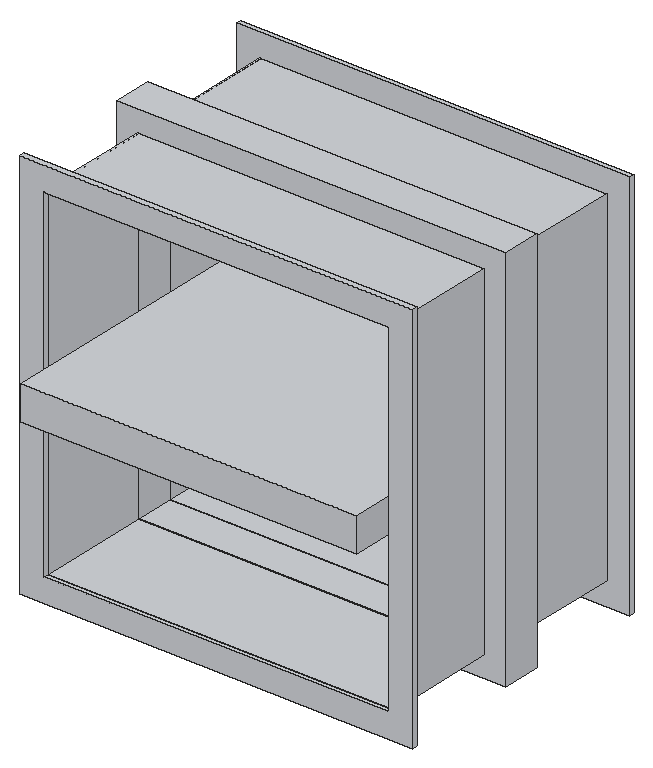
Revit family "MADEL_DAMPER_FIRE PROTECTION_FOK-EIS-120", category Accesorios de conductos, Revit 2015 (continued)
Types (198, lengths in mm): name | Q min | Q max | Q | Product Type | Product Size | Product Reference | Modelo | M_L2 | M_E | Lw (dB(A)) | L | Kr | Kf | H | DPt | Afree | 7N | 16N
  FOK-EIS-120-H 600x250 | 348.84 m³/h | 2790.72 m³/h | 1569.78 m³/h | "FOK-EIS-120-H 600x250" | "600x250" | "FOK-EIS-120-H-M7F230" | "FOK-EIS-120-H 600x250" | 115.3 | 28.5 | 34.8854 | 600.0 | 0.76823 | -9.9007 | 250.0 | 8.87274 Pa | 0.0969 m² | yes | no
  FOK-EIS-120-H 550x250 | 318.24 m³/h | 2545.92 m³/h | 1432.08 m³/h | "FOK-EIS-120-H 550x250" | "550x250" | "FOK-EIS-120-H-M7F230" | "FOK-EIS-120-H 550x250" | 115.3 | 28.5 | 34.0331 | 550.0 | 0.78068 | -10.7531 | 250.0 | 9.01652 Pa | 0.0884 m² | yes | no
  FOK-EIS-120-H 500x250 | 287.64 m³/h | 2301.12 m³/h | 1294.38 m³/h | "FOK-EIS-120-H 500x250" | "500x250" | "FOK-EIS-120-H-M7F230" | "FOK-EIS-120-H 500x250" | 115.3 | 28.5 | 33.1194 | 500.0 | 0.79379 | -11.6668 | 250.0 | 9.16799 Pa | 0.0799 m² | yes | no
  FOK-EIS-120-H 450x250 | 257.04 m³/h | 2056.32 m³/h | 1156.68 m³/h | "FOK-EIS-120-H 450x250" | "450x250" | "FOK-EIS-120-H-M7F230" | "FOK-EIS-120-H 450x250" | 115.3 | 28.5 | 32.1444 | 450.0 | 0.80757 | -12.6418 | 250.0 | 9.32713 Pa | 0.0714 m² | yes | no
  FOK-EIS-120-H 400x250 | 226.44 m³/h | 1811.52 m³/h | 1018.98 m³/h | "FOK-EIS-120-H 400x250" | "400x250" | "FOK-EIS-120-H-M7F230" | "FOK-EIS-120-H 400x250" | 115.3 | 28.5 | 31.1081 | 400.0 | 0.82202 | -13.6781 | 250.0 | 9.49396 Pa | 0.0629 m² | yes | no
  FOK-EIS-120-H 350x250 | 195.84 m³/h | 1566.72 m³/h | 881.28 m³/h | "FOK-EIS-120-H 350x250" | "350x250" | "FOK-EIS-120-H-M7F230" | "FOK-EIS-120-H 350x250" | 115.3 | 28.5 | 30.0104 | 350.0 | 0.83713 | -14.7757 | 250.0 | 9.66847 Pa | 0.0544 m² | yes | no
  FOK-EIS-120-H 300x250 | 165.24 m³/h | 1321.92 m³/h | 743.58 m³/h | "FOK-EIS-120-H 300x250" | "300x250" | "FOK-EIS-120-H-M7F230" | "FOK-EIS-120-H 300x250" | 115.3 | 28.5 | 28.8515 | 300.0 | 0.8529 | -15.9347 | 250.0 | 9.85066 Pa | 0.0459 m² | yes | no
  FOK-EIS-120-H 250x250 | 134.64 m³/h | 1077.12 m³/h | 605.88 m³/h | "FOK-EIS-120-H 250x250" | "250x250" | "FOK-EIS-120-H-M7F230" | "FOK-EIS-120-H 250x250" | 115.3 | 28.5 | 27.6312 | 250.0 | 0.86934 | -17.155 | 250.0 | 10.0405 Pa | 0.0374 m² | yes | no
  FOK-EIS-120-H 1500x200 | 635.04 m³/h | 5080.32 m³/h | 2857.68 m³/h | "FOK-EIS-120-H 1500x200" | "1500x200" | "FOK-EIS-120-H-M7F230" | "FOK-EIS-120-H 1500x200" | 115.3 | 28.5 | 38.3967 | 1500.0 | 0.7445 | -6.3895 | 200.0 | 8.5987 Pa | 0.1764 m² | yes | no
  FOK-EIS-120-H 1400x200 | 591.84 m³/h | 4734.72 m³/h | 2663.28 m³/h | "FOK-EIS-120-H 1400x200" | "1400x200" | "FOK-EIS-120-H-M7F230" | "FOK-EIS-120-H 1400x200" | 115.3 | 28.5 | 38.3967 | 1400.0 | 0.74795 | -6.3895 | 200.0 | 8.6385 Pa | 0.1644 m² | yes | no
  FOK-EIS-120-H 1300x200 | 548.64 m³/h | 4389.12 m³/h | 2468.88 m³/h | "FOK-EIS-120-H 1300x200" | "1300x200" | "FOK-EIS-120-H-M7F230" | "FOK-EIS-120-H 1300x200" | 115.3 | 28.5 | 38.3967 | 1300.0 | 0.75363 | -6.3895 | 200.0 | 8.70409 Pa | 0.1524 m² | yes | no
  FOK-EIS-120-H 1200x200 | 505.44 m³/h | 4043.52 m³/h | 2274.48 m³/h | "FOK-EIS-120-H 1200x200" | "1200x200" | "FOK-EIS-120-H-M7F230" | "FOK-EIS-120-H 1200x200" | 115.3 | 28.5 | 38.2658 | 1200.0 | 0.76154 | -6.5203 | 200.0 | 8.79548 Pa | 0.1404 m² | yes | no
  FOK-EIS-120-H 1100x200 | 462.24 m³/h | 3697.92 m³/h | 2080.08 m³/h | "FOK-EIS-120-H 1100x200" | "1100x200" | "FOK-EIS-120-H-M7F230" | "FOK-EIS-120-H 1100x200" | 115.3 | 28.5 | 37.9061 | 1100.0 | 0.77169 | -6.88 | 200.0 | 8.91265 Pa | 0.1284 m² | yes | no
  FOK-EIS-120-H 1000x200 | 419.04 m³/h | 3352.32 m³/h | 1885.68 m³/h | "FOK-EIS-120-H 1000x200" | "1000x200" | "FOK-EIS-120-H-M7F230" | "FOK-EIS-120-H 1000x200" | 115.3 | 28.5 | 37.3176 | 1000.0 | 0.78406 | -7.4685 | 200.0 | 9.05561 Pa | 0.1164 m² | yes | no
  FOK-EIS-120-H 900x200 | 375.84 m³/h | 3006.72 m³/h | 1691.28 m³/h | "FOK-EIS-120-H 900x200" | "900x200" | "FOK-EIS-120-H-M7F230" | "FOK-EIS-120-H 900x200" | 115.3 | 28.5 | 36.5003 | 900.0 | 0.79868 | -8.2858 | 200.0 | 9.22437 Pa | 0.1044 m² | yes | no
  FOK-EIS-120-H 800x200 | 332.64 m³/h | 2661.12 m³/h | 1496.88 m³/h | "FOK-EIS-120-H 800x200" | "800x200" | "FOK-EIS-120-H-M7F230" | "FOK-EIS-120-H 800x200" | 115.3 | 28.5 | 35.4542 | 800.0 | 0.81552 | -9.3319 | 200.0 | 9.41891 Pa | 0.0924 m² | yes | no
  FOK-EIS-120-H 700x200 | 289.44 m³/h | 2315.52 m³/h | 1302.48 m³/h | "FOK-EIS-120-H 700x200" | "700x200" | "FOK-EIS-120-H-M7F230" | "FOK-EIS-120-H 700x200" | 115.3 | 28.5 | 34.1793 | 700.0 | 0.8346 | -10.6068 | 200.0 | 9.63925 Pa | 0.0804 m² | yes | no
  FOK-EIS-120-H 600x200 | 246.24 m³/h | 1969.92 m³/h | 1108.08 m³/h | "FOK-EIS-120-H 600x200" | "600x200" | "FOK-EIS-120-H-M7F230" | "FOK-EIS-120-H 600x200" | 115.3 | 28.5 | 32.6756 | 600.0 | 0.85591 | -12.1105 | 200.0 | 9.88538 Pa | 0.0684 m² | yes | no
  FOK-EIS-120-H 550x200 | 224.64 m³/h | 1797.12 m³/h | 1010.88 m³/h | "FOK-EIS-120-H 550x200" | "550x200" | "FOK-EIS-120-H-M7F230" | "FOK-EIS-120-H 550x200" | 115.3 | 28.5 | 31.838 | 550.0 | 0.8674 | -12.9482 | 200.0 | 10.0181 Pa | 0.0624 m² | yes | no
  FOK-EIS-120-H 500x200 | 203.04 m³/h | 1624.32 m³/h | 913.68 m³/h | "FOK-EIS-120-H 500x200" | "500x200" | "FOK-EIS-120-H-M7F230" | "FOK-EIS-120-H 500x200" | 115.3 | 28.5 | 30.9431 | 500.0 | 0.87945 | -13.843 | 200.0 | 10.1573 Pa | 0.0564 m² | yes | no
  FOK-EIS-120-H 450x200 | 181.44 m³/h | 1451.52 m³/h | 816.48 m³/h | "FOK-EIS-120-H 450x200" | "450x200" | "FOK-EIS-120-H-M7F230" | "FOK-EIS-120-H 450x200" | 115.3 | 28.5 | 29.9911 | 450.0 | 0.89206 | -14.7951 | 200.0 | 10.3029 Pa | 0.0504 m² | yes | no
  FOK-EIS-120-H 400x200 | 159.84 m³/h | 1278.72 m³/h | 719.28 m³/h | "FOK-EIS-120-H 400x200" | "400x200" | "FOK-EIS-120-H-M7F230" | "FOK-EIS-120-H 400x200" | 115.3 | 28.5 | 28.9818 | 400.0 | 0.90523 | -15.8044 | 200.0 | 10.455 Pa | 0.0444 m² | yes | no
  FOK-EIS-120-H 350x200 | 138.24 m³/h | 1105.92 m³/h | 622.08 m³/h | "FOK-EIS-120-H 350x200" | "350x200" | "FOK-EIS-120-H-M7F230" | "FOK-EIS-120-H 350x200" | 115.3 | 28.5 | 27.9154 | 350.0 | 0.91895 | -16.8708 | 200.0 | 10.6135 Pa | 0.0384 m² | yes | no
  FOK-EIS-120-H 300x200 | 116.64 m³/h | 933.12 m³/h | 524.88 m³/h | "FOK-EIS-120-H 300x200" | "300x200" | "FOK-EIS-120-H-M7F230" | "FOK-EIS-120-H 300x200" | 115.3 | 28.5 | 26.7917 | 300.0 | 0.93324 | -17.9945 | 200.0 | 10.7785 Pa | 0.0324 m² | yes | no
  FOK-EIS-120-H 250x200 | 95.04 m³/h | 760.32 m³/h | 427.68 m³/h | "FOK-EIS-120-H 250x200" | "250x200" | "FOK-EIS-120-H-M7F230" | "FOK-EIS-120-H 250x200" | 115.3 | 28.5 | 25.6108 | 250.0 | 0.94808 | -19.1753 | 200.0 | 10.9499 Pa | 0.0264 m² | yes | no
  FOK-EIS-120-H 200x200 | 73.44 m³/h | 587.52 m³/h | 330.48 m³/h | "FOK-EIS-120-H 200x200" | "200x200" | "FOK-EIS-120-H-M7F230" | "FOK-EIS-120-H 200x200" | 115.3 | 28.5 | 24.3728 | 200.0 | 0.96348 | -20.4134 | 200.0 | 11.1278 Pa | 0.0204 m² | yes | no
  FOK-EIS-120-V 250x200 | 104.04 m³/h | 832.32 m³/h | 468.18 m³/h | "FOK-EIS-120-V 250x200" | "200x250" | "FOK-EIS-120-V-M7F230" | "FOK-EIS-120-V 250x200" | 115.3 | 28.5 | 26.3496 | 200.0 | 0.88645 | -18.4366 | 250.0 | 10.2381 Pa | 0.0289 m² | yes | no
  FOK-EIS-120-V 300x200 | 134.64 m³/h | 1077.12 m³/h | 605.88 m³/h | "FOK-EIS-120-V 300x200" | "200x300" | "FOK-EIS-120-V-M7F230" | "FOK-EIS-120-V 300x200" | 115.3 | 28.5 | 28.1197 | 200.0 | 0.81728 | -16.6665 | 300.0 | 9.43921 Pa | 0.0374 m² | yes | no
  FOK-EIS-120-V 350x200 | 165.24 m³/h | 1321.92 m³/h | 743.58 m³/h | "FOK-EIS-120-V 350x200" | "200x350" | "FOK-EIS-120-V-M7F230" | "FOK-EIS-120-V 350x200" | 115.3 | 28.5 | 29.6829 | 200.0 | 0.75597 | -15.1033 | 350.0 | 8.73116 Pa | 0.0459 m² | yes | no
  FOK-EIS-120-V 400x200 | 195.84 m³/h | 1566.72 m³/h | 881.28 m³/h | "FOK-EIS-120-V 400x200" | "200x400" | "FOK-EIS-120-V-M7F230" | "FOK-EIS-120-V 400x200" | 115.3 | 28.5 | 31.0393 | 200.0 | 0.70253 | -13.7469 | 400.0 | 8.11393 Pa | 0.0544 m² | yes | no
  FOK-EIS-120-V 450x200 | 226.44 m³/h | 1811.52 m³/h | 1018.98 m³/h | "FOK-EIS-120-V 450x200" | "200x450" | "FOK-EIS-120-V-M7F230" | "FOK-EIS-120-V 450x200" | 115.3 | 28.5 | 32.1889 | 200.0 | 0.65695 | -12.5972 | 450.0 | 7.58753 Pa | 0.0629 m² | yes | no
  FOK-EIS-120-V 500x200 | 257.04 m³/h | 2056.32 m³/h | 1156.68 m³/h | "FOK-EIS-120-V 500x200" | "200x500" | "FOK-EIS-120-V-M7F230" | "FOK-EIS-120-V 500x200" | 115.3 | 28.5 | 33.1318 | 200.0 | 0.61924 | -11.6544 | 500.0 | 7.15195 Pa | 0.0714 m² | yes | no
  FOK-EIS-120-V 550x200 | 287.64 m³/h | 2301.12 m³/h | 1294.38 m³/h | "FOK-EIS-120-V 550x200" | "200x550" | "FOK-EIS-120-V-M7F230" | "FOK-EIS-120-V 550x200" | 115.3 | 28.5 | 33.8678 | 200.0 | 0.58939 | -10.9184 | 550.0 | 6.8072 Pa | 0.0799 m² | yes | no
  FOK-EIS-120-V 600x200 | 318.24 m³/h | 2545.92 m³/h | 1432.08 m³/h | "FOK-EIS-120-V 600x200" | "200x600" | "FOK-EIS-120-V-M7F230" | "FOK-EIS-120-V 600x200" | 115.3 | 28.5 | 34.397 | 200.0 | 0.5674 | -10.3892 | 600.0 | 6.55327 Pa | 0.0884 m² | yes | no
  FOK-EIS-120-V 700x200 | 379.44 m³/h | 3035.52 m³/h | 1707.48 m³/h | "FOK-EIS-120-V 700x200" | "200x700" | "FOK-EIS-120-V-M7F230" | "FOK-EIS-120-V 700x200" | 115.3 | 28.5 | 34.835 | 200.0 | 0.54702 | -9.9511 | 700.0 | 6.31788 Pa | 0.1054 m² | yes | no
  FOK-EIS-120-V 800x200 | 440.64 m³/h | 3525.12 m³/h | 1982.88 m³/h | "FOK-EIS-120-V 800x200" | "200x800" | "FOK-EIS-120-V-M7F230" | "FOK-EIS-120-V 800x200" | 115.3 | 28.5 | 34.835 | 200.0 | 0.54702 | -9.9511 | 800.0 | 6.31788 Pa | 0.1224 m² | yes | no
  FOK-EIS-120-V 300x250 | 174.24 m³/h | 1393.92 m³/h | 784.08 m³/h | "FOK-EIS-120-V 300x250" | "250x300" | "FOK-EIS-120-V-M7F230" | "FOK-EIS-120-V 300x250" | 115.3 | 28.5 | 29.4404 | 250.0 | 0.79863 | -15.3458 | 300.0 | 9.2238 Pa | 0.0484 m² | yes | no
  FOK-EIS-120-V 350x250 | 213.84 m³/h | 1710.72 m³/h | 962.28 m³/h | "FOK-EIS-120-V 350x250" | "250x350" | "FOK-EIS-120-V-M7F230" | "FOK-EIS-120-V 350x250" | 115.3 | 28.5 | 31.0383 | 250.0 | 0.73593 | -13.7478 | 350.0 | 8.49971 Pa | 0.0594 m² | yes | no
  FOK-EIS-120-V 400x250 | 253.44 m³/h | 2027.52 m³/h | 1140.48 m³/h | "FOK-EIS-120-V 400x250" | "250x400" | "FOK-EIS-120-V-M7F230" | "FOK-EIS-120-V 400x250" | 115.3 | 28.5 | 32.4251 | 250.0 | 0.68126 | -12.3611 | 400.0 | 7.86828 Pa | 0.0704 m² | yes | no
  FOK-EIS-120-V 450x250 | 293.04 m³/h | 2344.32 m³/h | 1318.68 m³/h | "FOK-EIS-120-V 450x250" | "250x450" | "FOK-EIS-120-V-M7F230" | "FOK-EIS-120-V 450x250" | 115.3 | 28.5 | 33.6006 | 250.0 | 0.63461 | -11.1855 | 450.0 | 7.32949 Pa | 0.0814 m² | yes | no
  FOK-EIS-120-V 500x250 | 332.64 m³/h | 2661.12 m³/h | 1496.88 m³/h | "FOK-EIS-120-V 500x250" | "250x500" | "FOK-EIS-120-V-M7F230" | "FOK-EIS-120-V 500x250" | 115.3 | 28.5 | 34.565 | 250.0 | 0.59598 | -10.2212 | 500.0 | 6.88335 Pa | 0.0924 m² | yes | no
  FOK-EIS-120-V 550x250 | 372.24 m³/h | 2977.92 m³/h | 1675.08 m³/h | "FOK-EIS-120-V 550x250" | "250x550" | "FOK-EIS-120-V-M7F230" | "FOK-EIS-120-V 550x250" | 115.3 | 28.5 | 35.3181 | 250.0 | 0.56538 | -9.468 | 550.0 | 6.52987 Pa | 0.1034 m² | yes | no
  FOK-EIS-120-V 600x250 | 411.84 m³/h | 3294.72 m³/h | 1853.28 m³/h | "FOK-EIS-120-V 600x250" | "250x600" | "FOK-EIS-120-V-M7F230" | "FOK-EIS-120-V 600x250" | 115.3 | 28.5 | 35.8601 | 250.0 | 0.54279 | -8.9261 | 600.0 | 6.26903 Pa | 0.1144 m² | yes | no
  FOK-EIS-120-V 700x250 | 491.04 m³/h | 3928.32 m³/h | 2209.68 m³/h | "FOK-EIS-120-V 700x250" | "250x700" | "FOK-EIS-120-V-M7F230" | "FOK-EIS-120-V 700x250" | 115.3 | 28.5 | 36.3104 | 250.0 | 0.52169 | -8.4758 | 700.0 | 6.02532 Pa | 0.1364 m² | yes | no
  FOK-EIS-120-V 800x250 | 570.24 m³/h | 4561.92 m³/h | 2566.08 m³/h | "FOK-EIS-120-H 250x800" | "250x800" | "FOK-EIS-120-V-M7F230" | "FOK-EIS-120-H 250x800" | 115.3 | 28.5 | 36.3104 | 250.0 | 0.52169 | -8.4758 | 800.0 | 6.02532 Pa | 0.1584 m² | yes | no
  FOK-EIS-120-V 350x300 | 262.44 m³/h | 2099.52 m³/h | 1180.98 m³/h | "FOK-EIS-120-V 350x300" | "300x350" | "FOK-EIS-120-V-M7F230" | "FOK-EIS-120-V 350x300" | 115.3 | 28.5 | 32.3256 | 300.0 | 0.71674 | -12.4606 | 350.0 | 8.27803 Pa | 0.0729 m² | yes | no
  FOK-EIS-120-V 400x300 | 311.04 m³/h | 2488.32 m³/h | 1399.68 m³/h | "FOK-EIS-120-V 400x300" | "300x400" | "FOK-EIS-120-V-M7F230" | "FOK-EIS-120-V 400x300" | 115.3 | 28.5 | 33.7399 | 300.0 | 0.66091 | -11.0462 | 400.0 | 7.63323 Pa | 0.0864 m² | yes | no
  FOK-EIS-120-V 450x300 | 359.64 m³/h | 2877.12 m³/h | 1618.38 m³/h | "FOK-EIS-120-V 450x300" | "300x450" | "FOK-EIS-120-V-M7F230" | "FOK-EIS-120-V 450x300" | 115.3 | 28.5 | 34.9391 | 300.0 | 0.61325 | -9.847 | 450.0 | 7.08278 Pa | 0.0999 m² | yes | no
  FOK-EIS-120-V 500x300 | 408.24 m³/h | 3265.92 m³/h | 1837.08 m³/h | "FOK-EIS-120-V 500x300" | "300x500" | "FOK-EIS-120-V-M7F230" | "FOK-EIS-120-V 500x300" | 115.3 | 28.5 | 35.9232 | 300.0 | 0.57376 | -8.863 | 500.0 | 6.62668 Pa | 0.1134 m² | yes | no
  FOK-EIS-120-V 550x300 | 456.84 m³/h | 3654.72 m³/h | 2055.78 m³/h | "FOK-EIS-120-V 550x300" | "300x550" | "FOK-EIS-120-V-M7F230" | "FOK-EIS-120-V 550x300" | 115.3 | 28.5 | 36.6921 | 300.0 | 0.54244 | -8.0941 | 550.0 | 6.26493 Pa | 0.1269 m² | yes | no
  FOK-EIS-120-V 600x300 | 505.44 m³/h | 4043.52 m³/h | 2274.48 m³/h | "FOK-EIS-120-V 600x300" | "300x600" | "FOK-EIS-120-V-M7F230" | "FOK-EIS-120-V 600x300" | 115.3 | 28.5 | 37.2459 | 300.0 | 0.51928 | -7.5403 | 600.0 | 5.99752 Pa | 0.1404 m² | yes | no
  FOK-EIS-120-V 700x300 | 602.64 m³/h | 4821.12 m³/h | 2711.88 m³/h | "FOK-EIS-120-V 700x300" | "300x700" | "FOK-EIS-120-V-M7F230" | "FOK-EIS-120-V 700x300" | 115.3 | 28.5 | 37.708 | 300.0 | 0.49749 | -7.0782 | 700.0 | 5.74575 Pa | 0.1674 m² | yes | no
  FOK-EIS-120-V 800x300 | 699.84 m³/h | 5598.72 m³/h | 3149.28 m³/h | "FOK-EIS-120-V 800x300" | "300x800" | "FOK-EIS-120-V-M7F230" | "FOK-EIS-120-V 800x300" | 115.3 | 28.5 | 37.708 | 300.0 | 0.49749 | -7.0782 | 800.0 | 5.74575 Pa | 0.1944 m² | yes | no
  FOK-EIS-120-V 400x350 | 368.64 m³/h | 2949.12 m³/h | 1658.88 m³/h | "FOK-EIS-120-V 400x350" | "350x400" | "FOK-EIS-120-V-M7F230" | "FOK-EIS-120-V 400x350" | 115.3 | 28.5 | 34.9839 | 350.0 | 0.64148 | -9.8023 | 400.0 | 7.4088 Pa | 0.1024 m² | yes | no
  FOK-EIS-120-V 450x350 | 426.24 m³/h | 3409.92 m³/h | 1918.08 m³/h | "FOK-EIS-120-V 450x350" | "350x450" | "FOK-EIS-120-V-M7F230" | "FOK-EIS-120-V 450x350" | 115.3 | 28.5 | 36.2045 | 350.0 | 0.59287 | -8.5817 | 450.0 | 6.84741 Pa | 0.1184 m² | yes | no
  FOK-EIS-120-V 500x350 | 483.84 m³/h | 3870.72 m³/h | 2177.28 m³/h | "FOK-EIS-120-V 500x350" | "350x500" | "FOK-EIS-120-V-M7F230" | "FOK-EIS-120-V 500x350" | 115.3 | 28.5 | 37.2064 | 350.0 | 0.55257 | -7.5798 | 500.0 | 6.38193 Pa | 0.1344 m² | yes | no
  FOK-EIS-120-V 550x350 | 541.44 m³/h | 4331.52 m³/h | 2436.48 m³/h | "FOK-EIS-120-V 550x350" | "350x550" | "FOK-EIS-120-V-M7F230" | "FOK-EIS-120-V 550x350" | 115.3 | 28.5 | 37.9897 | 350.0 | 0.52057 | -6.7965 | 550.0 | 6.01237 Pa | 0.1504 m² | yes | no
  FOK-EIS-120-V 600x350 | 599.04 m³/h | 4792.32 m³/h | 2695.68 m³/h | "FOK-EIS-120-V 600x350" | "350x600" | "FOK-EIS-120-V-M7F230" | "FOK-EIS-120-V 600x350" | 115.3 | 28.5 | 38.5544 | 350.0 | 0.49688 | -6.2318 | 600.0 | 5.73873 Pa | 0.1664 m² | yes | no
  FOK-EIS-120-V 700x350 | 714.24 m³/h | 5713.92 m³/h | 3214.08 m³/h | "FOK-EIS-120-V 700x350" | "350x700" | "FOK-EIS-120-V-M7F230" | "FOK-EIS-120-V 700x350" | 115.3 | 28.5 | 39.0278 | 350.0 | 0.47441 | -5.7583 | 700.0 | 5.47919 Pa | 0.1984 m² | yes | no
  FOK-EIS-120-V 800x350 | 829.44 m³/h | 6635.52 m³/h | 3732.48 m³/h | "FOK-EIS-120-V 800x350" | "350x800" | "FOK-EIS-120-V-M7F230" | "FOK-EIS-120-V 800x350" | 115.3 | 28.5 | 39.0278 | 350.0 | 0.47441 | -5.7583 | 800.0 | 5.47919 Pa | 0.2304 m² | yes | no
  FOK-EIS-120-V 450x400 | 492.84 m³/h | 3942.72 m³/h | 2217.78 m³/h | "FOK-EIS-120-V 450x400" | "400x450" | "FOK-EIS-120-V-M7F230" | "FOK-EIS-120-V 450x400" | 115.3 | 28.5 | 37.3966 | 400.0 | 0.57347 | -7.3896 | 450.0 | 6.62336 Pa | 0.1369 m² | yes | no
  FOK-EIS-120-V 500x400 | 559.44 m³/h | 4475.52 m³/h | 2517.48 m³/h | "FOK-EIS-120-V 500x400" | "400x500" | "FOK-EIS-120-V-M7F230" | "FOK-EIS-120-V 500x400" | 115.3 | 28.5 | 38.4146 | 400.0 | 0.53241 | -6.3716 | 500.0 | 6.14911 Pa | 0.1554 m² | yes | no
  FOK-EIS-120-V 550x400 | 626.04 m³/h | 5008.32 m³/h | 2817.18 m³/h | "FOK-EIS-120-V 550x400" | "400x550" | "FOK-EIS-120-V-M7F230" | "FOK-EIS-120-V 550x400" | 115.3 | 28.5 | 39.2109 | 400.0 | 0.49978 | -5.5753 | 550.0 | 5.7722 Pa | 0.1739 m² | yes | no
  FOK-EIS-120-V 600x400 | 692.64 m³/h | 5541.12 m³/h | 3116.88 m³/h | "FOK-EIS-120-V 600x400" | "400x600" | "FOK-EIS-120-V-M7F230" | "FOK-EIS-120-V 600x400" | 115.3 | 28.5 | 39.7856 | 400.0 | 0.47557 | -5.0006 | 600.0 | 5.49266 Pa | 0.1924 m² | yes | no
  FOK-EIS-120-V 700x400 | 825.84 m³/h | 6606.72 m³/h | 3716.28 m³/h | "FOK-EIS-120-V 700x400" | "400x700" | "FOK-EIS-120-V-M7F230" | "FOK-EIS-120-V 700x400" | 115.3 | 28.5 | 40.27 | 400.0 | 0.45245 | -4.5162 | 700.0 | 5.22564 Pa | 0.2294 m² | yes | no
  FOK-EIS-120-V 800x400 | 959.04 m³/h | 7672.32 m³/h | 4315.68 m³/h | "FOK-EIS-120-V 800x400" | "400x800" | "FOK-EIS-120-V-M7F230" | "FOK-EIS-120-V 800x400" | 115.3 | 28.5 | 40.27 | 400.0 | 0.45245 | -4.5162 | 800.0 | 5.22564 Pa | 0.2664 m² | yes | no
  FOK-EIS-120-V 500x450 | 635.04 m³/h | 5080.32 m³/h | 2857.68 m³/h | "FOK-EIS-120-V 500x450" | "450x500" | "FOK-EIS-120-V-M7F230" | "FOK-EIS-120-V 500x450" | 115.3 | 28.5 | 39.5477 | 450.0 | 0.51328 | -5.2385 | 500.0 | 5.9282 Pa | 0.1764 m² | yes | no
  FOK-EIS-120-V 550x450 | 710.64 m³/h | 5685.12 m³/h | 3197.88 m³/h | "FOK-EIS-120-V 550x450" | "450x550" | "FOK-EIS-120-V-M7F230" | "FOK-EIS-120-V 550x450" | 115.3 | 28.5 | 40.3557 | 450.0 | 0.48005 | -4.4305 | 550.0 | 5.54442 Pa | 0.1974 m² | yes | no
  FOK-EIS-120-V 600x450 | 786.24 m³/h | 6289.92 m³/h | 3538.08 m³/h | "FOK-EIS-120-V 600x450" | "450x600" | "FOK-EIS-120-V-M7F230" | "FOK-EIS-120-V 600x450" | 115.3 | 28.5 | 40.9395 | 450.0 | 0.45537 | -3.8467 | 600.0 | 5.25931 Pa | 0.2184 m² | yes | no
  FOK-EIS-120-V 700x450 | 937.44 m³/h | 7499.52 m³/h | 4218.48 m³/h | "FOK-EIS-120-V 700x450" | "450x700" | "FOK-EIS-120-V-M7F230" | "FOK-EIS-120-V 700x450" | 115.3 | 28.5 | 41.4344 | 450.0 | 0.43162 | -3.3517 | 700.0 | 4.98508 Pa | 0.2604 m² | yes | no
  FOK-EIS-120-V 800x450 | 1088.64 m³/h | 8709.12 m³/h | 4898.88 m³/h | "FOK-EIS-120-V 800x450" | "450x800" | "FOK-EIS-120-V-M7F230" | "FOK-EIS-120-V 800x450" | 115.3 | 28.5 | 41.4344 | 450.0 | 0.43162 | -3.3517 | 800.0 | 4.98508 Pa | 0.3024 m² | yes | no
  FOK-EIS-120-V 550x500 | 795.24 m³/h | 6361.92 m³/h | 3578.58 m³/h | "FOK-EIS-120-V 550x500" | "500x550" | "FOK-EIS-120-V-M7F230" | "FOK-EIS-120-V 550x500" | 115.3 | 28.5 | 41.4241 | 500.0 | 0.4614 | -3.362 | 550.0 | 5.32903 Pa | 0.2209 m² | yes | no
  FOK-EIS-120-V 600x500 | 879.84 m³/h | 7038.72 m³/h | 3959.28 m³/h | "FOK-EIS-120-V 600x500" | "500x600" | "FOK-EIS-120-V-M7F230" | "FOK-EIS-120-V 600x500" | 115.3 | 28.5 | 42.0161 | 500.0 | 0.43626 | -2.77 | 600.0 | 5.03868 Pa | 0.2444 m² | yes | no
  FOK-EIS-120-V 700x500 | 1049.04 m³/h | 8392.32 m³/h | 4720.68 m³/h | "FOK-EIS-120-V 700x500" | "500x700" | "FOK-EIS-120-V-M7F230" | "FOK-EIS-120-V 700x500" | 115.3 | 28.5 | 42.5211 | 500.0 | 0.41192 | -2.265 | 700.0 | 4.75753 Pa | 0.2914 m² | yes | no
  FOK-EIS-120-V 800x500 | 1218.24 m³/h | 9745.92 m³/h | 5482.08 m³/h | "FOK-EIS-120-V 800x500" | "500x800" | "FOK-EIS-120-V-M7F230" | "FOK-EIS-120-V 800x500" | 115.3 | 28.5 | 42.5211 | 500.0 | 0.41192 | -2.265 | 800.0 | 4.75753 Pa | 0.3384 m² | yes | no
  FOK-EIS-120-V 600x550 | 973.44 m³/h | 7787.52 m³/h | 4380.48 m³/h | "FOK-EIS-120-V 600x550" | "550x600" | "FOK-EIS-120-V-M7F230" | "FOK-EIS-120-V 600x550" | 115.3 | 28.5 | 43.0155 | 550.0 | 0.41826 | -1.7707 | 600.0 | 4.83077 Pa | 0.2704 m² | yes | no
  FOK-EIS-120-V 700x550 | 1160.64 m³/h | 9285.12 m³/h | 5222.88 m³/h | "FOK-EIS-120-V 700x550" | "550x700" | "FOK-EIS-120-V-M7F230" | "FOK-EIS-120-V 700x550" | 115.3 | 28.5 | 43.5301 | 550.0 | 0.39335 | -1.2561 | 700.0 | 4.54298 Pa | 0.3224 m² | yes | no
  FOK-EIS-120-V 800x550 | 1347.84 m³/h | 10782.7 m³/h | 6065.28 m³/h | "FOK-EIS-120-V 800x550" | "550x800" | "FOK-EIS-120-V-M7F230" | "FOK-EIS-120-V 800x550" | 115.3 | 28.5 | 43.5301 | 550.0 | 0.39335 | -1.2561 | 800.0 | 4.54298 Pa | 0.3744 m² | yes | no
  FOK-EIS-120-V 700x600 | 1272.24 m³/h | 10177.9 m³/h | 5725.08 m³/h | "FOK-EIS-120-V 700x600" | "600x700" | "FOK-EIS-120-V-M7F230" | "FOK-EIS-120-V 700x600" | 115.3 | 28.5 | 44.4613 | 600.0 | 0.3759 | -0.32483 | 700.0 | 4.34144 Pa | 0.3534 m² | yes | no
  FOK-EIS-120-V 800x600 | 1477.44 m³/h | 11819.5 m³/h | 6648.48 m³/h | "FOK-EIS-120-V 800x600" | "600x800" | "FOK-EIS-120-V-M7F230" | "FOK-EIS-120-V 800x600" | 115.3 | 28.5 | 44.4613 | 600.0 | 0.3759 | -0.32483 | 800.0 | 4.34144 Pa | 0.4104 m² | yes | no
  FOK-EIS-120-V 800x700 | 1736.64 m³/h | 13893.1 m³/h | 7814.88 m³/h | "FOK-EIS-120-V 800x700" | "700x800" | "FOK-EIS-120-V-M7F230" | "FOK-EIS-120-V 800x700" | 115.3 | 28.5 | 47.4091 | 700.0 | 0.31735 | 2.6229 | 800.0 | 3.6653 Pa | 0.4824 m² | yes | no
